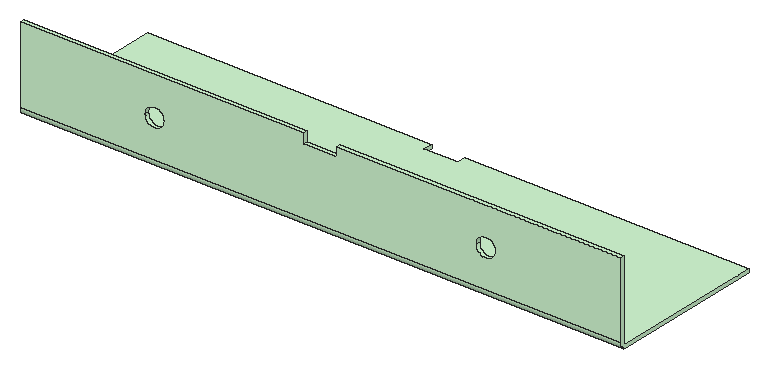
Revit family "35lbar_strightj_el3520", category 機械設備, Revit 2022
Family settings
  丸型コネクタ寸法 = 直径を使用
  種別 = なし
  パーツ タイプ = 標準
  作業面ベース = いいえ
  常に垂直 = はい
  ロード時にボイドで切り取り = いいえ
  注釈の向きを維持 = いいえ
  共有 = いいえ
  部屋計算ポイント = いいえ
Parameters
  製造元 = "株式会社桐井製作所"
  既定の高さ = 0 mm
  URL = "https://www.kirii.co.jp/"
  K_材質 = "溶融亜鉛めっき鋼板及び鋼帯 SGCC 一般用"
  K_品名 = "35LバーストレートJ-eL3520(ビス)"
  K_名称 = "Lバージョイント"
  K_入数 = "500"
  K_備考 = "対象Lバー:eL3520(35面)"
  K_バージョン情報 = "20220915"
  K_めっき付着量 = "Z12"
  K_JIS規格 = "JIS G 3302"
Reference planes
  plane 1 "中心(正面/背面)": y = 0
  plane 2: z = 0
  plane 3 "中心(左/右)": x = 0
Forms (mm)
  Extrusion 1, solid
    sketch origin (0, 0, 0) x (0, 1, 0) y (0, 0, 1)
      loop
        line (0.8, 17.5) -> (0, 17.5) -> (0, 1.5)
        arc (0, 1.5) -> (0.439, 0.439) -> (1.5, 0) r 1.5
        line (1.5, 0) -> (33.3, 0) -> (33.3, 0.8) -> (1.5, 0.8)
        arc (1.5, 0.8) -> (1.005, 1.005) -> (0.8, 1.5) r 0.7
        line (0.8, 1.5) -> (0.8, 17.5)
    from -62.5 to 62.5
  Extrusion 2, void
    sketch origin (0, 0, 0) x (1, 0, 0) y (0, 0, 1)
      loop
        line (3.5, 15.5) -> (3.5, 17.5) -> (-3.5, 17.5) -> (-3.5, 15.5) -> (3.5, 15.5)
      loop
        circle (-34.5, 9.5) r 2
      loop
        circle (34.5, 9.5) r 2
    from -0.8 to 0
  Extrusion 3, void
    sketch origin (0, 0, 0) x (1, 0, 0) y (0, 1, 0)
      loop
        line (3.5, 31.3) -> (3.5, 33.3) -> (-3.5, 33.3) -> (-3.5, 31.3) -> (3.5, 31.3)
    from 0 to 0.8
Cuts and joins
  Extrusion 2, Extrusion 3 cuts Extrusion 1
Dimensions and locks
  aligned and locked: level to plane 2
